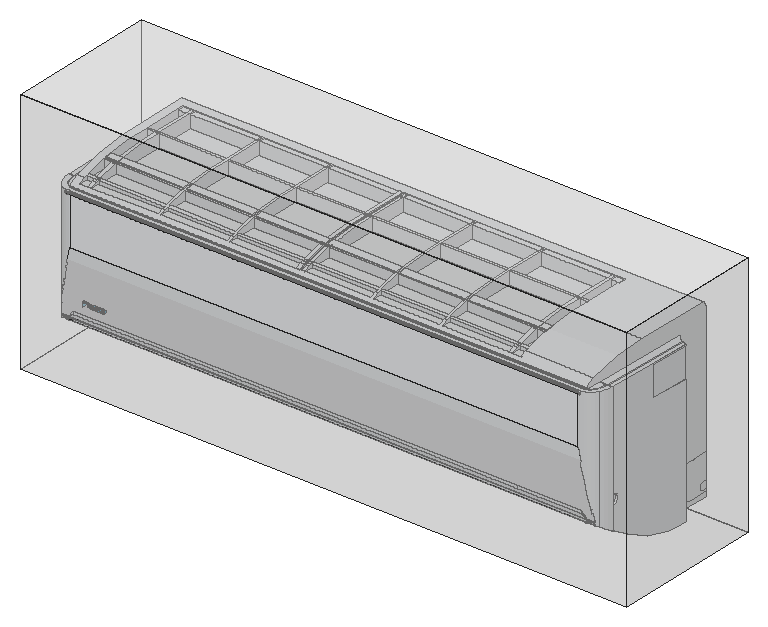
Revit family "outputfile", category 機械設備, Revit 2024
Family settings
  丸型コネクタ寸法 = 半径を使用
  パーツ タイプ = 標準
  OmniClass 番号 = 23.75.10.24.21.27.27
  OmniClass タイトル = Split System Air Conditioning Units
  作業面ベース = いいえ
  常に垂直 = はい
  ロード時にボイドで切り取り = いいえ
  注釈の向きを維持 = いいえ
  共有 = いいえ
  部屋計算ポイント = いいえ
Parameters (values of type "FXAQ40ARVM")
  書き出し IFC クラス(タイプ) = "IfcUnitaryEquipmentType"
  定義済み IFC タイプ(タイプ) = "AIRCONDITIONINGUNIT"
  switch_frequency = yes
  lh_powersupply = 55.0 mm  # constant formula
  製造元 = "Daikin"
  モデル = "FXAQ40ARVM"
  lh_drainpipe = 35.0 mm  # constant formula
  lh_liquidpipe = 40.0 mm  # constant formula
  lh_gaspipe = 20.0 mm  # constant formula
  r_Liquid Pipe Size = Liquid Pipe Size / 2  # 3.2 mm
  r_Gas Pipe Size = Gas Pipe Size / 2  # 6.35 mm
  r_Drain Pipe Size = Drain Pipe Size / 2  # 9.0 mm
  lw_powersupply [instance] = if(or(Left Connection_refrigerant, Right Connection_refrigerant), 464.5 mm, if(or(Bottom Left Connection_refrigerant, Rear Left Connection_refrigerant), 843.0 mm, 58.0 mm))  # 464.5 mm
  lw_liquidpipe [instance] = if(or(Left Connection_refrigerant, Right Connection_refrigerant), 490.0 mm, if(or(Bottom Left Connection_refrigerant, Rear Left Connection_refrigerant), 843.0 mm, 58.0 mm))  # 490.0 mm
  lw_gaspipe [instance] = if(or(Left Connection_refrigerant, Right Connection_refrigerant), 440.0 mm, if(or(Bottom Left Connection_refrigerant, Rear Left Connection_refrigerant), 858.0 mm, 73.0 mm))  # 440.0 mm
  lw_drainpipe [instance] = if(or(Left Connection_refrigerant, Right Connection_refrigerant), 570.0 mm, if(or(Bottom Left Connection_refrigerant, Rear Left Connection_refrigerant), 873.0 mm, 88.0 mm))  # 570.0 mm
  l_powersupply_length [instance] = if(Right Connection_refrigerant, 442.2 mm, if(Left Connection_refrigerant, 442.2 mm, if(or(Rear Left Connection_refrigerant, Rear Right Connection_refrigerant), 15.0 mm, 55.0 mm)))  # 442.2 mm
  l_liquidpipe_length [instance] = if(Left Connection_refrigerant, 416.4 mm, if(Right Connection_refrigerant, 467.4 mm, if(or(Bottom Left Connection_refrigerant, Bottom Right Connection_refrigerant), 40.0 mm, 35.0 mm)))  # 467.4 mm
  l_gaspipe_length [instance] = if(Left Connection_refrigerant, 466.4 mm, if(Right Connection_refrigerant, 417.4 mm, if(or(Bottom Left Connection_refrigerant, Bottom Right Connection_refrigerant), 20.0 mm, 35.0 mm)))  # 417.4 mm
  l_drainpipe_length [instance] = if(Left Connection_refrigerant, 336.7 mm, if(Right Connection_refrigerant, 547.7 mm, if(or(Bottom Left Connection_refrigerant, Bottom Right Connection_refrigerant), 30.0 mm, 15.0 mm)))  # 547.7 mm
  h*** = 0.0 mm  # constant formula
  connector_voltage = Voltage_50Hz  # 220 V
  connector_powerinput = if([Power Input (Cooling)] > [Power Input (Heating)], [Power Input (Cooling)], [Power Input (Heating)])  # 0.029 kW
  connector_phase = Phase_50Hz  # 1
  angle_vertical [instance] = if(or(Bottom Left Connection_refrigerant, Bottom Right Connection_refrigerant), 0.00°, 90.00°)  # 90.00°
  angle_horizontal [instance] = if(Right Connection_refrigerant, 90.00°, if(Left Connection_refrigerant, -90.00°, if(or(Rear Left Connection_refrigerant, Rear Right Connection_refrigerant), 180.00°, 0.00°)))  # 90.00°
  Width = 929.0 mm
  Voltage_comment_60Hz = "220-240"
  Voltage_comment_50Hz = "220-240"
  Voltage_60Hz = 220 V
  Voltage_50Hz = 220 V
  Version = "ver.1.0"
  Unit Type = "Wall Mounted"
  Unit Mass Weight = 13.00 kg
  Unit Designation [instance] = ""
  Uniclass2015Version = "Products v1.30"
  Uniclass2015Title = "Variable refrigerant flow units"
  Uniclass2015Code = "Pr_70_65_03_94"
  Total Heating Capacity [instance] = 0.000 kW
  Total Cooling Capacity [instance] = 0.000 kW
  Sound Pressure Level_L speed (dBA) = 34
  Sound Pressure Level_H speed (dBA) = 39
  Sound Power Level_H speed (dB) = 0
  Series = "VRV Fan Coil Unit"
  Sensible Cooling Capacity [instance] = 0.000 kW
  Refrigerant Type = "R410A"
  Power Input (Heating) = 0.029 kW
  Power Input (Cooling) = 0.022 kW
  Phase_60Hz = 1
  Phase_50Hz = 1
  Option Accessory 3 [instance] = ""
  Option Accessory 2 [instance] = ""
  Option Accessory 1 [instance] = ""
  Nominal Heating Capacity = 5.000 kW
  Nominal Cooling Capacity = 4.500 kW
  Minimum Circuit Amps_60Hz = 0.4 A
  Minimum Circuit Amps_50Hz = 0.4 A
  Minimum Airflow = 540.00 m³/h
  Maximum Fuse Amps_60Hz = 15.0 A
  Maximum Fuse Amps_50Hz = 15.0 A
  Maximum Airflow = 780.00 m³/h
  Material_Casing = DAIKIN_FreshWhite_Casing_indoorunit
  Load Classification = HVAC
  Liquid Pipe Size = 6.4 mm
  Link_Nested Family [instance] = ""
  IfcVersion = ""
  IfcExportType = "AIRCONDITIONINGUNIT"
  IfcExportAs = "IfcUnitaryEquipmentType"
  Height = 298.0 mm
  Heating Entering Wet Bulb Temperature [instance] = 0.00 °C
  Heating Entering Dry Bulb Temperature [instance] = 0.00 °C
  Heating Ambient Wet Bulb Temperature [instance] = 0.00 °C
  Heating Ambient Dry Bulb Temperature [instance] = 0.00 °C
  Heat Exchanger Type = "Cross Fin Coil"
  Gas Pipe Size = 12.7 mm
  Frequency_60Hz = 60 Hz
  Frequency_50Hz = 50 Hz
  Fan Type = "Cross Flow Fan"
  Fan Drive = "Direct Drive"
  FCU Tag No. [instance] = ""
  Drain Pipe Size = 18.0 mm
  Design Supply Airflow [instance] = 0.00 m³/h
  Depth = 258.0 mm
  既定の高さ = 0.0 mm
  Cooling Entering Wet Bulb Temperature [instance] = 0.00 °C
  Cooling Entering Dry Bulb Temperature [instance] = 0.00 °C
  Cooling Ambient Wet Bulb Temperature [instance] = 0.00 °C
  Cooling Ambient Dry Bulb Temperature [instance] = 0.00 °C
  Clearance visibility [instance] = yes
  Clearance Top = 90.0 mm
  Clearance Right = 50.0 mm
  Clearance Rear = 0.0 mm
  Clearance Left = 50.0 mm
  Clearance Front = 0.0 mm
  Clearance Bottom = 30.0 mm
  Bottom Right Connection_refrigerant [instance] = no
  Bottom Left Connection_refrigerant [instance] = no
  Rear Right Connection_refrigerant [instance] = no
  Rear Left Connection_refrigerant [instance] = no
  Right Connection_refrigerant [instance] = yes
  Left Connection_refrigerant [instance] = no
Reference planes
  plane 1 "Back": y = 0
  plane 2: z = 0
  plane 3 "Center (Left/Right)": x = 0
  plane 4 "Center (Front/Back)": y = -119
  plane 5: y = -238
  plane 6 "Left": x = -464.5
  plane 7 "Right": x = 464.5
  plane 8 "Top": z = 0
  plane 9: x = -514.5
  plane 10: x = 514.5
  plane 11: z = 90
  plane 12 "ld_drainpipe": y = -15
  plane 13: z = -284.5
  plane 14: z = -269.5
  plane 15: z = -251
  plane 16 "Clearance Bottom": z = -328
  plane 17: x = -105.5
  plane 18: x = -25.5
  plane 19: x = 24.5
  plane 20: x = 0
  plane 21 "Height": z = -298
  plane 22 "Front": y = -258
  plane 23: y = -35
  plane 24: y = -258
  plane 25: y = 0
Dimensions and locks
  equal spacing: plane 6 "Left", plane 3 "Center (Left/Right)", plane 7 "Right"
  "Width": plane 6 "Left" to plane 7 "Right"
  locked: plane 12 "ld_drainpipe" to plane 1 "Back" at 15
  "Clearance Left": plane 9 to plane 6 "Left"
  "Clearance Right": plane 7 "Right" to plane 10
  "Height": plane 8 "Top" to plane 21 "Height"
  "Depth": plane 22 "Front" to plane 1 "Back"
  locked: plane 23 to plane 1 "Back" at 35
  "lw_powersupply": plane 20 to plane 7 "Right"
  "lw_liquidpipe": plane 18 to plane 7 "Right"
  "lw_drainpipe": plane 17 to plane 7 "Right"
  "lw_gaspipe": plane 19 to plane 7 "Right"
  "Clearance Front": plane 22 "Front" to plane 24
  "Clearance Rear": plane 25 to plane 1 "Back"
  "Clearance Bottom": plane 21 "Height" to plane 16 "Clearance Bottom"
  "Clearance Top": plane 11 to plane 8 "Top"
  aligned and locked: level to plane 2
  aligned and locked: plane 9 to nested 1
  aligned and locked: plane 10 to nested 1
  aligned and locked: plane 11 to nested 1
  aligned and locked: nested 5 to plane 12 "ld_drainpipe"
  aligned and locked: level to plane 8 "Top"
  aligned and locked: plane 16 "Clearance Bottom" to nested 1
  aligned and locked: plane 17 to nested 4
  aligned and locked: plane 18 to nested 3
  aligned and locked: plane 19 to nested 2
  aligned and locked: plane 20 to nested 5
  aligned and locked: nested 2 to plane 23
  aligned and locked: nested 4 to plane 12 "ld_drainpipe"
  aligned and locked: nested 3 to plane 23
  aligned and locked: plane 24 to nested 1
  aligned and locked: nested 1 to plane 25
  aligned and locked: plane 1 "Back" to nested 6
  aligned and locked: plane 3 "Center (Left/Right)" to nested 6
Nested families
  nested 1: "daikin_clearancespace" at (0, -129, -118.881), show <- "Clearance visibility", visible <- "Clearance visibility", Link_Nested Family <- "Link_Nested Family", type "daikin_clearancespace"
    with width 1029.0 mm, show yes, height 418.0 mm, depth 258.0 mm, Link_Nested Family ""
  nested 2: "daikin_connector_rotate3" at (24.5, -35, -278), angle_vertical <- "angle_vertical", angle_horizontal <- "angle_horizontal", length <- "l_gaspipe_length", radius <- "r_Gas Pipe Size", built-in parameter 1001364 <- "lh_gaspipe", type "daikin_connector_rotate3"
    with show no, radius 6.35 mm, length 417.4 mm, angle_vertical 90.00°, angle_horizontal 90.00°
  nested 3: "daikin_connector_rotate3" at (-25.5, -35, -258), angle_vertical <- "angle_vertical", angle_horizontal <- "angle_horizontal", radius <- "r_Liquid Pipe Size", length <- "l_liquidpipe_length", built-in parameter 1001364 <- "lh_liquidpipe", type "daikin_connector_rotate3"
    with show no, radius 3.2 mm, length 467.4 mm, angle_vertical 90.00°, angle_horizontal 90.00°
  nested 4: "daikin_connector_rotate3" at (-105.5, -15, -263), angle_vertical <- "angle_vertical", angle_horizontal <- "angle_horizontal", length <- "l_drainpipe_length", radius <- "r_Drain Pipe Size", built-in parameter 1001364 <- "lh_drainpipe", type "daikin_connector_rotate3"
    with show no, radius 9.0 mm, length 547.7 mm, angle_vertical 90.00°, angle_horizontal 90.00°
  nested 5: "daikin_connector_rotate3" at (0, -15, -243), angle_vertical <- "angle_vertical", angle_horizontal <- "angle_horizontal", length <- "l_powersupply_length", built-in parameter 1001364 <- "lh_powersupply", type "daikin_connector_rotate3"
    with show no, radius 10.0 mm, length 442.2 mm, angle_vertical 90.00°, angle_horizontal 90.00°
  nested 6: "FXAQ-ARVM" at (0, 0, 0), type "FXAQ-ARVM"
Connectors
  electrical at (442.2, -15, -243), driven by "Load Classification", driven by "connector_voltage", driven by "connector_powerinput", driven by "connector_phase"
    settings: on nested 5, index 1, voltage 220 V, apparent load 29 VA, apparent load phase1 0 VA, apparent load phase2 0 VA, apparent load phase3 0 VA, power factor 1, load classification "HVAC", number of poles 1, system type 30, power factor state 1, is connector primary yes, connector utility no, sub classification motor no, connector description "Power Supply"
  piping at (442.2, -15, -263), diameter 18, driven by "r_Drain Pipe Size"
    settings: on nested 4, index 2, connector inside diameter 609.6 mm, connector length 0.0 mm, flow factor 0, pipe flow 0.00 m³/h, pressure drop 0.0 Pa, fitting loss kfactor 0, connector angle 0.00°, fixture units 0, engagement length 0.0 mm, angle of deflection 0.00°, flow configuration 1, flow direction 2, fitting loss method 4, system type 16, joint type 0, gender type 0, connector reference index -1, connector utility 0, adjustable connector no, is connector primary yes, connector description "Condensate Drain Piping"
  piping at (441.9, -35, -278), diameter 12.7, driven by "r_Gas Pipe Size"
    settings: on nested 2, index 3, connector inside diameter 609.6 mm, connector length 0.0 mm, flow factor 0, pipe flow 0.00 m³/h, pressure drop 0.0 Pa, fitting loss kfactor 0, connector angle 0.00°, fixture units 0, engagement length 0.0 mm, angle of deflection 0.00°, flow configuration 1, flow direction 2, fitting loss method 0, system type 29, joint type 0, gender type 0, connector reference index -1, connector utility 0, adjustable connector no, is connector primary no, connector description "Refrigerant Gas Piping"
  piping at (441.9, -35, -258), diameter 6.4, driven by "r_Liquid Pipe Size"
    settings: on nested 3, index 4, connector inside diameter 609.6 mm, connector length 0.0 mm, flow factor 0, pipe flow 0.00 m³/h, pressure drop 0.0 Pa, fitting loss kfactor 0, connector angle 0.00°, fixture units 0, engagement length 0.0 mm, angle of deflection 0.00°, flow configuration 1, flow direction 1, fitting loss method 0, system type 29, joint type 0, gender type 0, connector reference index -1, connector utility 0, adjustable connector no, is connector primary no, connector description "Refrigerant Liquid Piping"
Definition of nested family "daikin_clearancespace"
  Parameters (values of type "daikin_clearancespace")
    Description = "daikin_clearancespace"
    width [instance] = 1823.963 mm
    show [instance] = yes
    material = none
    height [instance] = 1359.762 mm
    depth [instance] = 880.0 mm
    Default Elevation = 0.0 mm
    Link_Nested Family [instance] = ""
  Reference planes
    plane 1 "Center (Front/Back)": y = 0
    plane 2 "Center (Elevation)": z = -0.119
    plane 3 "Center (Left/Right)": x = 0
    plane 4: y = 440
    plane 5: y = -440
    plane 6 "Right": x = 911.982
    plane 7 "Left": x = -911.982
    plane 8 "Top": z = 679.762
    plane 9 "Bottom": z = -680
  Forms (mm)
    Extrusion 1, solid, material <- "material", visible <- "show"
      sketch origin (0, 0, 0) x (1, 0, 0) y (0, 1, 0)
        loop
          line (-911.982, 440) -> (-911.982, -440) -> (911.982, -440) -> (911.982, 440) -> (-911.982, 440)
      from -680 to 679.762
  Lines and regions (mm)
    symbolic lines, visible <- "show"
      curve 1: line (911.982, 440, 0) -> (-911.982, 440, 0)
      curve 2: line (-911.982, 440, 0) -> (-911.982, -440, 0)
      curve 3: line (-911.982, -440, 0) -> (911.982, -440, 0)
      curve 4: line (911.982, -440, 0) -> (911.982, 440, 0)
      curve 5: line (911.982, 0, 679.762) -> (-911.982, 0, 679.762)
      curve 6: line (911.982, 0, -680) -> (911.982, 0, 679.762)
      curve 7: line (-911.982, 0, -680) -> (911.982, 0, -680)
      curve 8: line (-911.982, 0, 679.762) -> (-911.982, 0, -680)
      curve 9: line (0, 440, 679.762) -> (0, -440, 679.762)
      curve 10: line (0, -440, 679.762) -> (0, -440, -680)
      curve 11: line (0, 440, -680) -> (0, 440, 679.762)
      curve 12: line (0, -440, -680) -> (0, 440, -680)
  Dimensions and locks
    "width": plane 7 "Left" to plane 6 "Right"
    "depth": plane 4 to plane 5
    "height": plane 8 "Top" to plane 9 "Bottom"
    equal spacing: plane 7 "Left", plane 3 "Center (Left/Right)", plane 6 "Right"
    equal spacing: plane 4, plane 1 "Center (Front/Back)", plane 5
    equal spacing: plane 8 "Top", plane 2 "Center (Elevation)", plane 9 "Bottom"
    aligned and locked: level to plane 2 "Center (Elevation)"
    aligned and locked: Extrusion 1 sketch curve to plane 4
    aligned and locked: plane 7 "Left" to Extrusion 1 sketch curve
    aligned and locked: Extrusion 1 sketch curve to plane 5
    aligned and locked: Extrusion 1 sketch curve to plane 6 "Right"
    aligned and locked: plane 8 "Top" to Extrusion 1
    aligned and locked: curve 1 to Extrusion 1
    aligned and locked: curve 2 to Extrusion 1
    aligned and locked: curve 3 to Extrusion 1
    aligned and locked: curve 4 to Extrusion 1
    aligned and locked: curve 5 to Extrusion 1
    aligned and locked: curve 6 to Extrusion 1
    aligned and locked: curve 7 to Extrusion 1
    aligned and locked: curve 8 to Extrusion 1
    aligned and locked: curve 9 to Extrusion 1
    aligned and locked: curve 10 to Extrusion 1
    aligned and locked: curve 11 to Extrusion 1
    aligned and locked: curve 12 to Extrusion 1
    aligned and locked: Extrusion 1 to plane 9 "Bottom"
Definition of nested family "FXAQ-ARVM"
  Parameters (values of type "FXAQ-ARVM")
    Width = 929.0 mm
    Material_Casing = none
    Default Elevation = 0.0 mm
  Reference planes
    plane 1 "Center (Front/Back)": y = 0
    plane 2 "reference_level": z = 0
    plane 3 "Center (Left/Right)": x = 0
  Forms (mm)
    Extrusion 1, solid, material <- "Material_Casing"
      sketch origin (37.5, 0, 0) x (1, 0, 0) y (0, 0, 1)
        loop
          circle (357, -249) r 40
        loop
          circle (-428, -250) r 40
      from 0 to 5
    Extrusion 2, solid, material <- "Material_Casing"
      sketch origin (-525, 1296.25, 1200) x (0, 1, 0) y (0, 0, 1)
        loop
          line (-1542.822, -1430.612) -> (-1517.25, -1446.105) -> (-1517.25, -1228.309)
          arc (-1517.25, -1228.309) -> (-1517.546, -1227.599) -> (-1518.259, -1227.309) r 1
          line (-1518.259, -1227.309) -> (-1553.177, -1227.614)
          arc (-1553.177, -1227.614) -> (-1553.593, -1227.787) -> (-1553.771, -1228.201) r 0.6
          line (-1553.771, -1228.201) -> (-1553.814, -1230.3) -> (-1552.816, -1230.309) -> (-1552.852, -1232.291) -> (-1554.25, -1232.303) -> (-1554.25, -1313.777)
          arc (-1554.25, -1313.777) -> (-1551.733, -1369.498) -> (-1544.203, -1424.766) r 618.013
          line (-1544.203, -1424.766) -> (-1543.119, -1425.138) -> (-1542.798, -1426.992) -> (-1543.814, -1426.992) -> (-1543.288, -1429.932)
          arc (-1543.288, -1429.932) -> (-1543.128, -1430.322) -> (-1542.822, -1430.612) r 1
      from 60.5 to 989.5
    Extrusion 3, void
      sketch origin (-525, 1296.25, 1200) x (0, 1, 0) y (0, 0, 1)
        loop
          arc (-1489.957, -1468.485) -> (-1468.343, -1480.342) -> (-1445.644, -1489.96) r 244.307
          arc (-1445.644, -1489.96) -> (-1423.667, -1496.837) -> (-1401.141, -1501.621) r 244.995
          arc (-1401.141, -1501.621) -> (-1397.468, -1502.156) -> (-1393.777, -1502.56) r 104.996
          line (-1393.777, -1502.56) -> (-1391.536, -1481.238)
          arc (-1391.536, -1481.238) -> (-1392.885, -1481.047) -> (-1394.231, -1480.837) r 94.996
          arc (-1394.231, -1480.837) -> (-1415.837, -1476.248) -> (-1436.917, -1469.651) r 234.995
          arc (-1436.917, -1469.651) -> (-1458.423, -1460.555) -> (-1478.917, -1449.363) r 234.307
          line (-1478.917, -1449.363) -> (-1489.957, -1468.485)
      from 129 to 821
    Extrusion 4, void
      sketch origin (-610.615, -1524, -240) x (-1, 0, 0) y (0, -1, 0)
        loop
          line (-317.415, -1501.5) -> (-184.115, -1501.5) -> (-184.115, -1427.5) -> (-317.415, -1427.5) -> (-317.415, -1501.5)
        loop
          line (-434.415, -1501.5) -> (-321.415, -1501.5) -> (-321.415, -1427.5) -> (-434.415, -1427.5) -> (-434.415, -1501.5)
        loop
          line (-557.415, -1501.5) -> (-438.415, -1501.5) -> (-438.415, -1427.5) -> (-557.415, -1427.5) -> (-557.415, -1501.5)
        loop
          line (-678.815, -1501.5) -> (-559.815, -1501.5) -> (-559.815, -1427.5) -> (-678.815, -1427.5) -> (-678.815, -1501.5)
        loop
          line (-795.815, -1501.5) -> (-682.815, -1501.5) -> (-682.815, -1427.5) -> (-795.815, -1427.5) -> (-795.815, -1501.5)
        loop
          line (-933.115, -1501.5) -> (-799.815, -1501.5) -> (-799.815, -1427.5) -> (-933.115, -1427.5) -> (-933.115, -1501.5)
        loop
          line (-317.415, -1423.5) -> (-184.115, -1423.5) -> (-184.115, -1336.5) -> (-317.415, -1336.5) -> (-317.415, -1423.5)
        loop
          line (-434.415, -1423.5) -> (-321.415, -1423.5) -> (-321.415, -1336.5) -> (-434.415, -1336.5) -> (-434.415, -1423.5)
        loop
          line (-557.415, -1423.5) -> (-438.415, -1423.5) -> (-438.415, -1336.5) -> (-557.415, -1336.5) -> (-557.415, -1423.5)
        loop
          line (-678.815, -1423.5) -> (-559.815, -1423.5) -> (-559.815, -1336.5) -> (-678.815, -1336.5) -> (-678.815, -1423.5)
        loop
          line (-795.815, -1423.5) -> (-682.815, -1423.5) -> (-682.815, -1336.5) -> (-795.815, -1336.5) -> (-795.815, -1423.5)
        loop
          line (-933.115, -1423.5) -> (-799.815, -1423.5) -> (-799.815, -1336.5) -> (-933.115, -1336.5) -> (-933.115, -1423.5)
        loop
          line (-317.415, -1332.5) -> (-184.115, -1332.5) -> (-184.115, -1300.5) -> (-317.415, -1300.5) -> (-317.415, -1332.5)
        loop
          line (-434.415, -1332.5) -> (-321.415, -1332.5) -> (-321.415, -1300.5) -> (-434.415, -1300.5) -> (-434.415, -1332.5)
        loop
          line (-557.415, -1332.5) -> (-438.415, -1332.5) -> (-438.415, -1300.5) -> (-557.415, -1300.5) -> (-557.415, -1332.5)
        loop
          line (-678.815, -1332.5) -> (-559.815, -1332.5) -> (-559.815, -1300.5) -> (-678.815, -1300.5) -> (-678.815, -1332.5)
        loop
          line (-795.815, -1332.5) -> (-682.815, -1332.5) -> (-682.815, -1300.5) -> (-795.815, -1300.5) -> (-795.815, -1332.5)
        loop
          line (-933.115, -1332.5) -> (-799.815, -1332.5) -> (-799.815, -1300.5) -> (-933.115, -1300.5) -> (-933.115, -1332.5)
        loop
          line (-317.415, -1296.5) -> (-184.115, -1296.5) -> (-184.115, -1273.985) -> (-317.415, -1273.985) -> (-317.415, -1296.5)
        loop
          line (-434.415, -1296.5) -> (-321.415, -1296.5) -> (-321.415, -1273.985) -> (-434.415, -1273.985) -> (-434.415, -1296.5)
        loop
          line (-557.415, -1296.5) -> (-438.415, -1296.5) -> (-438.415, -1273.985) -> (-557.415, -1273.985) -> (-557.415, -1296.5)
        loop
          line (-678.815, -1296.5) -> (-559.815, -1296.5) -> (-559.815, -1273.985) -> (-678.815, -1273.985) -> (-678.815, -1296.5)
        loop
          line (-795.815, -1296.5) -> (-682.815, -1296.5) -> (-682.815, -1273.985) -> (-795.815, -1273.985) -> (-795.815, -1296.5)
        loop
          line (-933.115, -1296.5) -> (-799.815, -1296.5) -> (-799.815, -1273.985) -> (-933.115, -1273.985) -> (-933.115, -1296.5)
      from 218.718 to 250
    Extrusion 5, solid, material <- "Material_Casing"
      sketch origin (31, 0, 0) x (0, 1, 0) y (0, 0, 1)
        loop
          arc (-133, 0) -> (-183.089, -4.257) -> (-231.74, -16.907) r 296.792
          arc (-231.74, -16.907) -> (-240.035, -20.716) -> (-247.498, -25.97) r 50
          line (-247.498, -25.97) -> (-247.498, -27.531) -> (-221, -27.3) -> (-221, -28.237) -> (-220, -28.237) -> (-220, -245.585)
          arc (-220, -245.585) -> (-219.743, -246.566) -> (-219.036, -247.295) r 2
          line (-219.036, -247.295) -> (-215.453, -249.466) -> (-189.599, -265.136)
          arc (-189.599, -265.136) -> (-169.128, -276.22) -> (-147.677, -285.263) r 239.307
          arc (-147.677, -285.263) -> (-126.149, -292) -> (-104.083, -296.687) r 239.995
          arc (-104.083, -296.687) -> (-96.033, -297.671) -> (-87.93, -298) r 99.996
          line (-87.93, -298) -> (0, -298) -> (0, -8.5) -> (-5, 0) -> (-133, 0)
      from -495.5 to 433.5
    Extrusion 6, void
      sketch origin (0, 0, 0) x (1, 0, 0) y (0, 1, 0)
        loop
          arc (-464.5, -69.996) -> (-451.865, -64.288) -> (-441.567, -55.003) r 45.003
          line (-441.567, -55.003) -> (-442.5, 0) -> (-464.5, 0) -> (-464.5, -69.996)
        loop
          line (464.5, -69.996) -> (464.5, 0) -> (442.5, 0) -> (441.567, -55.003)
          arc (441.567, -55.003) -> (451.865, -64.288) -> (464.5, -69.996) r 45.003
      from -350.147 to 42.558
    Extrusion 7, solid, material <- "Material_Casing"
      sketch origin (464.482, 1296.064, 1192) x (-0.016958, -0.999856, 0) y (0, 0, 1)
        loop
          line (1326.25, -1422) -> (1296.25, -1422) -> (1296.25, -1465) -> (1302.753, -1465)
          spline (1302.753, -1465) -> (1304.435, -1465.221) -> (1306.003, -1465.871) -> (1307.349, -1466.904) -> (1308.382, -1468.25) -> (1309.031, -1469.818) -> (1309.252, -1471.5) -> (1309.031, -1473.182) -> (1308.382, -1474.75) -> (1307.349, -1476.096) -> (1306.003, -1477.129) -> (1304.435, -1477.779) -> (1302.753, -1478)
          line (1302.753, -1478) -> (1296.25, -1478) -> (1296.25, -1482) -> (1326.25, -1482)
          arc (1326.25, -1482) -> (1340.393, -1476.142) -> (1346.25, -1462) r 20
          line (1346.25, -1462) -> (1346.25, -1442)
          arc (1346.25, -1442) -> (1340.393, -1427.858) -> (1326.25, -1422) r 20
      from 0 to 5
    Extrusion 8, solid, material <- "Material_Casing"
      sketch origin (-464.482, 1296.064, 1192) x (-0.016958, 0.999856, 0) y (0, 0, 1)
        loop
          line (-1296.25, -1422) -> (-1326.25, -1422)
          arc (-1326.25, -1422) -> (-1340.393, -1427.858) -> (-1346.25, -1442) r 20
          line (-1346.25, -1442) -> (-1346.25, -1462)
          arc (-1346.25, -1462) -> (-1340.393, -1476.142) -> (-1326.25, -1482) r 20
          line (-1326.25, -1482) -> (-1296.25, -1482) -> (-1296.25, -1478) -> (-1302.753, -1478)
          spline (-1302.753, -1478) -> (-1304.435, -1477.779) -> (-1306.003, -1477.129) -> (-1307.349, -1476.096) -> (-1308.382, -1474.75) -> (-1309.031, -1473.182) -> (-1309.252, -1471.5) -> (-1309.031, -1469.818) -> (-1308.382, -1468.25) -> (-1307.349, -1466.904) -> (-1306.003, -1465.871) -> (-1304.435, -1465.221) -> (-1302.753, -1465)
          line (-1302.753, -1465) -> (-1296.25, -1465) -> (-1296.25, -1422)
      from 0 to 5
    Extrusion 9, void
      sketch origin (0, 0, 0) x (1, 0, 0) y (0, 1, 0)
        loop
          arc (451.583, -220.532) -> (450.652, -229.688) -> (447.774, -238.43) r 42.574
          arc (447.774, -238.43) -> (440.881, -246.096) -> (430.995, -249.015) r 18.939
          line (430.995, -249.015) -> (322.5, -249.015) -> (-430.995, -249.015)
          arc (-430.995, -249.015) -> (-440.881, -246.096) -> (-447.774, -238.43) r 18.939
          arc (-447.774, -238.43) -> (-450.652, -229.688) -> (-451.583, -220.532) r 42.574
          line (-451.583, -220.532) -> (-455.638, -65.672)
          arc (-455.638, -65.672) -> (-456.13, -65.926) -> (-456.626, -66.174) r 45.003
          line (-456.626, -66.174) -> (-452.526, -222.254)
          arc (-452.526, -222.254) -> (-451.441, -230.753) -> (-448.676, -238.863) r 42.58
          arc (-448.676, -238.863) -> (-441.392, -246.902) -> (-431, -250.015) r 20.209
          line (-431, -250.015) -> (431, -250.015)
          arc (431, -250.015) -> (441.392, -246.902) -> (448.676, -238.863) r 20.209
          arc (448.676, -238.863) -> (451.441, -230.753) -> (452.539, -222.254) r 42.58
          line (452.539, -222.254) -> (456.626, -66.151)
          arc (456.626, -66.151) -> (456.131, -65.903) -> (455.639, -65.649) r 45.003
          line (455.639, -65.649) -> (451.583, -220.532)
      from -514.227 to 32.749
    Extrusion 10, void
      sketch origin (0, 0, 0) x (1, 0, 0) y (0, 1, 0)
        loop
          arc (-430.764, -258.014) -> (-445.174, -254.026) -> (-455.485, -243.197) r 28.031
          arc (-455.485, -243.197) -> (-459.127, -232.113) -> (-460.561, -220.535) r 60.175
          line (-460.561, -220.535) -> (-464.5, -69.996) -> (-499.5, -69.996) -> (-499.5, -354.996) -> (499.5, -354.996) -> (499.5, -69.996) -> (464.5, -69.996) -> (460.598, -220.541)
          arc (460.598, -220.541) -> (459.601, -231.543) -> (456.08, -242.014) r 47.329
          arc (456.08, -242.014) -> (445.774, -253.677) -> (430.826, -258.014) r 27.93
          line (430.826, -258.014) -> (-430.764, -258.014)
      from -1033.399 to 0
    Extrusion 11, void
      sketch origin (0, 0, 0) x (1, 0, 0) y (0, 1, 0)
        loop
          arc (-455.485, -243.197) -> (-459.291, -232.263) -> (-460.562, -220.754) r 51.556
          line (-460.562, -220.754) -> (-492.49, -141.73) -> (-492.49, -316.73) -> (492.49, -316.73) -> (492.49, -141.73) -> (460.599, -220.663)
          arc (460.599, -220.663) -> (459.482, -231.58) -> (456.08, -242.014) r 51.576
          arc (456.08, -242.014) -> (445.844, -253.621) -> (431, -258) r 27.939
          line (431, -258) -> (-431, -258)
          arc (-431, -258) -> (-445.281, -253.971) -> (-455.485, -243.197) r 27.939
      from -354.312 to 0
    Extrusion 12, void
      sketch origin (0, 0, 0) x (1, 0, 0) y (0, 1, 0)
        loop
          line (435.004, -431) -> (510.5, -431) -> (510.5, 78.522) -> (443.898, 78.522) -> (435.004, -431)
      from -28.941 to 250
    Extrusion 13, void
      sketch origin (0, 0, 0) x (1, 0, 0) y (0, 1, 0)
        loop
          line (-438.024, -258) -> (-442.527, 0) -> (-469.5, 0) -> (-469.5, -258) -> (-438.024, -258)
      from -27.788 to 250
    Extrusion 14, solid, material <- "Material_Casing"
      sketch origin (31, 0, 0) x (0, 1, 0) y (0, 0, 1)
        loop
          arc (-175.5, -3.059) -> (-181.51, -3.991) -> (-187.5, -5.047) r 296.792
          line (-187.5, -5.047) -> (-187.5, -28.237) -> (-175.5, -28.237) -> (-175.5, -3.059)
        loop
          line (-33.5, 0) -> (-33.5, -28.237) -> (-22.5, -28.237) -> (-22.5, 0) -> (-33.5, 0)
      from -457.5 to -324.2
    Extrusion 15, solid, material <- "Material_Casing"
      sketch origin (384, 0, 0) x (0, 1, 0) y (0, 0, 1)
        loop
          arc (-175.5, -3.059) -> (-181.51, -3.991) -> (-187.5, -5.047) r 296.792
          line (-187.5, -5.047) -> (-187.5, -28.237) -> (-175.5, -28.237) -> (-175.5, -3.059)
        loop
          line (-33.5, 0) -> (-33.5, -28.237) -> (-22.5, -28.237) -> (-22.5, 0) -> (-33.5, 0)
      from -556.2 to -437.2
    Extrusion 16, solid, material <- "Material_Casing"
      sketch origin (392.4, 0, 0) x (0, 1, 0) y (0, 0, 1)
        loop
          arc (-175.5, -3.059) -> (-181.51, -3.991) -> (-187.5, -5.047) r 296.792
          line (-187.5, -5.047) -> (-187.5, -28.237) -> (-175.5, -28.237) -> (-175.5, -3.059)
        loop
          line (-33.5, 0) -> (-33.5, -28.237) -> (-22.5, -28.237) -> (-22.5, 0) -> (-33.5, 0)
      from -443.2 to -324.2
    Extrusion 17, solid, material <- "Material_Casing"
      sketch origin (745.4, 0, 0) x (0, 1, 0) y (0, 0, 1)
        loop
          arc (-175.5, -3.059) -> (-181.51, -3.991) -> (-187.5, -5.047) r 296.792
          line (-187.5, -5.047) -> (-187.5, -28.237) -> (-175.5, -28.237) -> (-175.5, -3.059)
        loop
          line (-33.5, 0) -> (-33.5, -28.237) -> (-22.5, -28.237) -> (-22.5, 0) -> (-33.5, 0)
      from -556.2 to -422.9
    Extrusion 18, solid, material <- "Material_Casing"
      sketch origin (628.4, 0, 0) x (0, 1, 0) y (0, 0, 1)
        loop
          arc (-175.5, -3.059) -> (-181.51, -3.991) -> (-187.5, -5.047) r 296.792
          line (-187.5, -5.047) -> (-187.5, -28.237) -> (-175.5, -28.237) -> (-175.5, -3.059)
        loop
          line (-33.5, 0) -> (-33.5, -28.237) -> (-22.5, -28.237) -> (-22.5, 0) -> (-33.5, 0)
      from -556.2 to -443.2
    Extrusion 19, solid, material <- "Material_Casing"
      sketch origin (267, 0, 0) x (0, 1, 0) y (0, 0, 1)
        loop
          arc (-175.5, -3.059) -> (-181.51, -3.991) -> (-187.5, -5.047) r 296.792
          line (-187.5, -5.047) -> (-187.5, -28.237) -> (-175.5, -28.237) -> (-175.5, -3.059)
        loop
          line (-33.5, 0) -> (-33.5, -28.237) -> (-22.5, -28.237) -> (-22.5, 0) -> (-33.5, 0)
      from -556.2 to -443.2
    Extrusion 20, solid, material <- "Material_Casing"
      sketch origin (31, 0, 0) x (0, 1, 0) y (0, 0, 1)
        loop
          line (-22.5, 0) -> (-96.5, 0) -> (-96.5, -27.3) -> (-22.5, -27.3) -> (-22.5, 0)
        loop
          spline (-133.001, 0) -> (-137.568, -0.035) -> (-142.135, -0.141) -> (-146.699, -0.316) -> (-151.259, -0.562) -> (-155.816, -0.878) -> (-160.367, -1.264) -> (-164.912, -1.721) -> (-169.449, -2.247) -> (-173.977, -2.842) -> (-178.496, -3.508) -> (-183.004, -4.243) -> (-187.5, -5.047)
          line (-187.5, -5.047) -> (-187.5, -27.3) -> (-100.5, -27.3) -> (-100.5, 0) -> (-133.001, 0)
        loop
          line (-223.5, -14.134) -> (-223.5, -27.3) -> (-191.5, -27.3) -> (-191.5, -5.822)
          spline (-191.5, -5.822) -> (-194.2, -6.378) -> (-196.895, -6.959) -> (-199.584, -7.565) -> (-202.267, -8.196) -> (-204.945, -8.852) -> (-207.616, -9.532) -> (-210.281, -10.238) -> (-212.939, -10.968) -> (-215.59, -11.723) -> (-218.234, -12.502) -> (-220.871, -13.306) -> (-223.5, -14.134)
        loop
          spline (-227.5, -15.446) -> (-227.854, -15.565) -> (-228.208, -15.685) -> (-228.562, -15.805) -> (-228.916, -15.926) -> (-229.269, -16.047) -> (-229.623, -16.168) -> (-229.976, -16.29) -> (-230.329, -16.412) -> (-230.682, -16.535) -> (-231.035, -16.658) -> (-231.387, -16.782) -> (-231.74, -16.906)
          arc (-231.74, -16.906) -> (-236.479, -18.856) -> (-240.994, -21.282) r 50
          line (-240.994, -21.282) -> (-227.5, -21.282) -> (-227.5, -15.446)
      from -443.2 to -437.2
    Extrusion 21, solid, material <- "Material_Casing"
      sketch origin (384, 0, 0) x (0, 1, 0) y (0, 0, 1)
        loop
          line (-22.5, 0) -> (-96.5, 0) -> (-96.5, -27.3) -> (-22.5, -27.3) -> (-22.5, 0)
        loop
          spline (-133.001, 0) -> (-137.568, -0.035) -> (-142.135, -0.141) -> (-146.699, -0.316) -> (-151.259, -0.562) -> (-155.816, -0.878) -> (-160.367, -1.264) -> (-164.912, -1.721) -> (-169.449, -2.247) -> (-173.977, -2.842) -> (-178.496, -3.508) -> (-183.004, -4.243) -> (-187.5, -5.047)
          line (-187.5, -5.047) -> (-187.5, -27.3) -> (-100.5, -27.3) -> (-100.5, 0) -> (-133.001, 0)
        loop
          line (-223.5, -14.134) -> (-223.5, -27.3) -> (-191.5, -27.3) -> (-191.5, -5.822)
          spline (-191.5, -5.822) -> (-194.2, -6.378) -> (-196.895, -6.959) -> (-199.584, -7.565) -> (-202.267, -8.196) -> (-204.945, -8.852) -> (-207.616, -9.532) -> (-210.281, -10.238) -> (-212.939, -10.968) -> (-215.59, -11.723) -> (-218.234, -12.502) -> (-220.871, -13.306) -> (-223.5, -14.134)
        loop
          spline (-227.5, -15.446) -> (-227.854, -15.565) -> (-228.208, -15.685) -> (-228.562, -15.805) -> (-228.916, -15.926) -> (-229.269, -16.047) -> (-229.623, -16.168) -> (-229.976, -16.29) -> (-230.329, -16.412) -> (-230.682, -16.535) -> (-231.035, -16.658) -> (-231.387, -16.782) -> (-231.74, -16.906)
          arc (-231.74, -16.906) -> (-236.479, -18.856) -> (-240.994, -21.282) r 50
          line (-240.994, -21.282) -> (-227.5, -21.282) -> (-227.5, -15.446)
      from -443.2 to -437.2
    Extrusion 22, solid, material <- "Material_Casing"
      sketch origin (392.4, 0, 0) x (0, 1, 0) y (0, 0, 1)
        loop
          line (-22.5, 0) -> (-96.5, 0) -> (-96.5, -27.3) -> (-22.5, -27.3) -> (-22.5, 0)
        loop
          spline (-133.001, 0) -> (-137.568, -0.035) -> (-142.135, -0.141) -> (-146.699, -0.316) -> (-151.259, -0.562) -> (-155.816, -0.878) -> (-160.367, -1.264) -> (-164.912, -1.721) -> (-169.449, -2.247) -> (-173.977, -2.842) -> (-178.496, -3.508) -> (-183.004, -4.243) -> (-187.5, -5.047)
          line (-187.5, -5.047) -> (-187.5, -27.3) -> (-100.5, -27.3) -> (-100.5, 0) -> (-133.001, 0)
        loop
          line (-223.5, -14.134) -> (-223.5, -27.3) -> (-191.5, -27.3) -> (-191.5, -5.822)
          spline (-191.5, -5.822) -> (-194.2, -6.378) -> (-196.895, -6.959) -> (-199.584, -7.565) -> (-202.267, -8.196) -> (-204.945, -8.852) -> (-207.616, -9.532) -> (-210.281, -10.238) -> (-212.939, -10.968) -> (-215.59, -11.723) -> (-218.234, -12.502) -> (-220.871, -13.306) -> (-223.5, -14.134)
        loop
          spline (-227.5, -15.446) -> (-227.854, -15.565) -> (-228.208, -15.685) -> (-228.562, -15.805) -> (-228.916, -15.926) -> (-229.269, -16.047) -> (-229.623, -16.168) -> (-229.976, -16.29) -> (-230.329, -16.412) -> (-230.682, -16.535) -> (-231.035, -16.658) -> (-231.387, -16.782) -> (-231.74, -16.906)
          arc (-231.74, -16.906) -> (-236.479, -18.856) -> (-240.994, -21.282) r 50
          line (-240.994, -21.282) -> (-227.5, -21.282) -> (-227.5, -15.446)
      from -443.2 to -437.2
    Extrusion 23, solid, material <- "Material_Casing"
      sketch origin (745.4, 0, 0) x (0, 1, 0) y (0, 0, 1)
        loop
          line (-22.5, 0) -> (-96.5, 0) -> (-96.5, -27.3) -> (-22.5, -27.3) -> (-22.5, 0)
        loop
          spline (-133.001, 0) -> (-137.568, -0.035) -> (-142.135, -0.141) -> (-146.699, -0.316) -> (-151.259, -0.562) -> (-155.816, -0.878) -> (-160.367, -1.264) -> (-164.912, -1.721) -> (-169.449, -2.247) -> (-173.977, -2.842) -> (-178.496, -3.508) -> (-183.004, -4.243) -> (-187.5, -5.047)
          line (-187.5, -5.047) -> (-187.5, -27.3) -> (-100.5, -27.3) -> (-100.5, 0) -> (-133.001, 0)
        loop
          line (-223.5, -14.134) -> (-223.5, -27.3) -> (-191.5, -27.3) -> (-191.5, -5.822)
          spline (-191.5, -5.822) -> (-194.2, -6.378) -> (-196.895, -6.959) -> (-199.584, -7.565) -> (-202.267, -8.196) -> (-204.945, -8.852) -> (-207.616, -9.532) -> (-210.281, -10.238) -> (-212.939, -10.968) -> (-215.59, -11.723) -> (-218.234, -12.502) -> (-220.871, -13.306) -> (-223.5, -14.134)
        loop
          spline (-227.5, -15.446) -> (-227.854, -15.565) -> (-228.208, -15.685) -> (-228.562, -15.805) -> (-228.916, -15.926) -> (-229.269, -16.047) -> (-229.623, -16.168) -> (-229.976, -16.29) -> (-230.329, -16.412) -> (-230.682, -16.535) -> (-231.035, -16.658) -> (-231.387, -16.782) -> (-231.74, -16.906)
          arc (-231.74, -16.906) -> (-236.479, -18.856) -> (-240.994, -21.282) r 50
          line (-240.994, -21.282) -> (-227.5, -21.282) -> (-227.5, -15.446)
      from -443.2 to -437.2
    Extrusion 24, solid, material <- "Material_Casing"
      sketch origin (-525, 1301.456, 1185.983) x (0, 1, 0) y (0, 0, 1)
        loop
          line (-1490.365, -1448.375) -> (-1491.955, -1450.92)
          arc (-1491.955, -1450.92) -> (-1471.02, -1462.298) -> (-1449.069, -1471.566) r 242.307
          arc (-1449.069, -1471.566) -> (-1427.272, -1478.388) -> (-1404.93, -1483.133) r 242.995
          arc (-1404.93, -1483.133) -> (-1402.218, -1483.539) -> (-1399.497, -1483.874) r 102.996
          line (-1399.497, -1483.874) -> (-1399.183, -1480.89)
          arc (-1399.183, -1480.89) -> (-1401.819, -1480.566) -> (-1404.446, -1480.172) r 99.996
          arc (-1404.446, -1480.172) -> (-1426.511, -1475.486) -> (-1448.04, -1468.748) r 239.995
          arc (-1448.04, -1468.748) -> (-1469.704, -1459.603) -> (-1490.365, -1448.375) r 239.307
      from 135 to 817
    Extrusion 25, solid, material <- "Material_Casing"
      sketch origin (-525, 1301.456, 1185.983) x (0, 1, 0) y (0, 0, 1)
        loop
          line (-1490.365, -1448.375) -> (-1491.955, -1450.92)
          arc (-1491.955, -1450.92) -> (-1471.02, -1462.298) -> (-1449.069, -1471.566) r 242.307
          arc (-1449.069, -1471.566) -> (-1427.272, -1478.388) -> (-1404.93, -1483.133) r 242.995
          arc (-1404.93, -1483.133) -> (-1402.218, -1483.539) -> (-1399.497, -1483.874) r 102.996
          line (-1399.497, -1483.874) -> (-1399.183, -1480.89)
          arc (-1399.183, -1480.89) -> (-1401.819, -1480.566) -> (-1404.446, -1480.172) r 99.996
          arc (-1404.446, -1480.172) -> (-1426.511, -1475.486) -> (-1448.04, -1468.748) r 239.995
          arc (-1448.04, -1468.748) -> (-1469.704, -1459.603) -> (-1490.365, -1448.375) r 239.307
      from 129 to 133
    Extrusion 26, solid, material <- "Material_Casing"
      sketch origin (163, 1301.456, 1185.983) x (0, 1, 0) y (0, 0, 1)
        loop
          line (-1490.365, -1448.375) -> (-1491.955, -1450.92)
          arc (-1491.955, -1450.92) -> (-1471.02, -1462.298) -> (-1449.069, -1471.566) r 242.307
          arc (-1449.069, -1471.566) -> (-1427.272, -1478.388) -> (-1404.93, -1483.133) r 242.995
          arc (-1404.93, -1483.133) -> (-1402.218, -1483.539) -> (-1399.497, -1483.874) r 102.996
          line (-1399.497, -1483.874) -> (-1399.183, -1480.89)
          arc (-1399.183, -1480.89) -> (-1401.819, -1480.566) -> (-1404.446, -1480.172) r 99.996
          arc (-1404.446, -1480.172) -> (-1426.511, -1475.486) -> (-1448.04, -1468.748) r 239.995
          arc (-1448.04, -1468.748) -> (-1469.704, -1459.603) -> (-1490.365, -1448.375) r 239.307
      from 129 to 133
    Extrusion 27, void
      sketch origin (0, 0, 0) x (1, 0, 0) y (0, 1, 0)
        loop
          line (-442.5, 0) -> (442.5, 0) -> (442.5, 1.095) -> (-442.5, 1.095) -> (-442.5, 0)
      from -298 to 0
    Extrusion 28, void
      sketch origin (31, 0, 0) x (0, 1, 0) y (0, 0, 1)
        loop
          arc (-220, -211.038) -> (-209.824, -200.843) -> (-220, -190.648) r 10.195
          line (-220, -190.648) -> (-220, -211.038)
      from 425 to 433.5
    Extrusion 29, void
      sketch origin (-31, 0, 0) x (0, 1, 0) y (0, 0, -1)
        loop
          line (-220, 211.038) -> (-220, 190.648)
          arc (-220, 190.648) -> (-209.824, 200.843) -> (-220, 211.038) r 10.195
      from 425 to 433.5
    Extrusion 30, void
      sketch origin (31, 0, 0) x (0, 1, 0) y (0, 0, 1)
        loop
          line (-136.859, -29.798) -> (-136.859, -81.374) -> (-67.205, -81.374) -> (-67.205, -29.798) -> (-136.859, -29.798)
      from 431.5 to 433.5
    Extrusion 31, void
      sketch origin (163, 1301.519, 1186.578) x (0, 1, 0) y (0, 0, 1)
        loop
          line (-1399.559, -1484.469) -> (-1399.455, -1483.475)
          arc (-1399.455, -1483.475) -> (-1402.503, -1483.119) -> (-1405.54, -1482.669) r 99.996
          arc (-1405.54, -1482.669) -> (-1427.605, -1477.983) -> (-1449.134, -1471.246) r 239.995
          arc (-1449.134, -1471.246) -> (-1470.858, -1462.071) -> (-1491.573, -1450.803) r 239.307
          line (-1491.573, -1450.803) -> (-1492.103, -1451.651)
          arc (-1492.103, -1451.651) -> (-1471.297, -1462.97) -> (-1449.477, -1472.185) r 240.307
          arc (-1449.477, -1472.185) -> (-1427.859, -1478.95) -> (-1405.701, -1483.656) r 240.995
          arc (-1405.701, -1483.656) -> (-1402.636, -1484.11) -> (-1399.559, -1484.469) r 100.996
      from 134 to 232
    Extrusion 32, solid, material <- "Material_Casing"
      sketch origin (-536.115, -1524, -248) x (-1, 0, 0) y (0, -1, 0)
        loop
          line (-115.615, -1524) -> (-115.615, -1494)
          arc (-115.615, -1494) -> (-121.473, -1479.858) -> (-135.615, -1474) r 20
          line (-135.615, -1474) -> (-155.615, -1474)
          arc (-155.615, -1474) -> (-169.757, -1479.858) -> (-175.615, -1494) r 20
          line (-175.615, -1494) -> (-175.615, -1524) -> (-115.615, -1524)
      from -45 to -50
    Extrusion 33, solid, material <- "Material_Casing"
      sketch origin (-4079.827, 1903.48, -248) x (-1, 0, 0) y (0, -1, 0)
        loop
          line (-4444.327, 1903.48) -> (-4444.327, 1933.48)
          arc (-4444.327, 1933.48) -> (-4450.185, 1947.622) -> (-4464.327, 1953.48) r 20
          line (-4464.327, 1953.48) -> (-4484.327, 1953.48)
          arc (-4484.327, 1953.48) -> (-4498.469, 1947.622) -> (-4504.327, 1933.48) r 20
          line (-4504.327, 1933.48) -> (-4504.327, 1903.48) -> (-4444.327, 1903.48)
      from -50 to -45
  Cuts and joins
    Extrusion 3, Extrusion 4, Extrusion 6, Extrusion 9, Extrusion 10, Extrusion 12, Extrusion 13, Extrusion 28, Extrusion 29, Extrusion 30, Extrusion 31 cuts Extrusion 5
    Extrusion 9, Extrusion 11 cuts Extrusion 2
    Extrusion 27 cuts Extrusion 7
    Extrusion 27 cuts Extrusion 8
  Dimensions and locks
    locked: Extrusion 7 sketch curve to Extrusion 7 sketch curve at 60
    locked: Extrusion 7 sketch curve to Extrusion 7 sketch curve at 50
    locked: Extrusion 1 sketch curve to cut or joined group 1 (Extrusion 3, Extrusion 4, Extrusion 5, Extrusion 6, Extrusion 9, Extrusion 10, Extrusion 12, Extrusion 13, Extrusion 28, Extrusion 29, Extrusion 30, Extrusion 31) at 48
    locked: Extrusion 1 sketch curve to cut or joined group 1 at 74
    locked: Extrusion 1 sketch curve to cut or joined group 1 at 70
    locked: Extrusion 1 sketch curve to cut or joined group 1 at 49
    aligned and locked: level to plane 2 "reference_level"
    aligned and locked: Extrusion 2 to Extrusion 5
    aligned and locked: level to Extrusion 11
    aligned and locked: Extrusion 27 sketch curve to cut or joined group 1
    aligned and locked: level to Extrusion 27
  Automatic sketch dimensions
    Extrusion 2 sketch curve to level = 32.303 mm
    plane 1 "Center (Front/Back)" to Extrusion 2 sketch curve = 258.0 mm
    Extrusion 2 sketch curve to level = 30.3 mm
    Extrusion 2 sketch curve to Extrusion 2 sketch curve = 0.437 mm
    Extrusion 2 sketch curve to level = 28.201 mm
    Extrusion 2 sketch curve to Extrusion 2 sketch curve = 0.042 mm
    Extrusion 2 sketch curve to level = 27.614 mm
    Extrusion 2 sketch curve to Extrusion 2 sketch curve = 0.595 mm
    Extrusion 2 sketch curve to level = 32.291 mm
    Extrusion 2 sketch curve to Extrusion 2 sketch curve = 1.399 mm
    Extrusion 2 sketch curve to level = 30.309 mm
    Extrusion 2 sketch curve to Extrusion 2 sketch curve = 0.997 mm
    Extrusion 2 sketch curve to level = 224.766 mm
    Extrusion 2 sketch curve to Extrusion 2 sketch curve = 10.048 mm
    Extrusion 2 sketch curve to Extrusion 2 sketch curve = 0.389 mm
    Extrusion 2 sketch curve to Extrusion 2 sketch curve = 0.526 mm
    Extrusion 2 sketch curve to Extrusion 2 sketch curve = 1.083 mm
    Extrusion 2 sketch curve to level = 230.612 mm
    Extrusion 2 sketch curve to Extrusion 2 sketch curve = 0.466 mm
    Extrusion 2 sketch curve to Extrusion 2 sketch curve = 1.016 mm
    Extrusion 2 sketch curve to Extrusion 2 sketch curve = 0.984 mm
    Extrusion 2 sketch curve to level = 27.309 mm
    Extrusion 2 sketch curve to Extrusion 2 sketch curve = 0.009 mm
    Extrusion 2 sketch curve to Extrusion 2 sketch curve = 25.571 mm
    Extrusion 2 sketch curve to level = 113.777 mm
    Extrusion 2 sketch curve to Extrusion 2 sketch curve = 15.494 mm
    Extrusion 2 sketch curve to Extrusion 2 sketch curve = 0.373 mm
    plane 1 "Center (Front/Back)" to Extrusion 3 sketch curve = 193.706 mm
    Extrusion 3 sketch curve to Extrusion 3 sketch curve = 11.04 mm
    plane 1 "Center (Front/Back)" to Extrusion 3 sketch curve = 97.527 mm
    Extrusion 3 sketch curve to Extrusion 3 sketch curve = 2.241 mm
    Extrusion 3 sketch curve to Extrusion 3 sketch curve = 7.356 mm
    Extrusion 3 sketch curve to Extrusion 3 sketch curve = 5.295 mm
    plane 1 "Center (Front/Back)" to Extrusion 3 sketch curve = 65.55 mm
    Extrusion 3 sketch curve to Extrusion 3 sketch curve = 0.236 mm  (x2)
    Extrusion 3 sketch curve to Extrusion 3 sketch curve = 5.059 mm
    Extrusion 3 sketch curve to level = 302.56 mm
    Extrusion 3 sketch curve to Extrusion 3 sketch curve = 21.322 mm
    Extrusion 3 sketch curve to Extrusion 3 sketch curve = 12.753 mm
    Extrusion 3 sketch curve to Extrusion 3 sketch curve = 19.122 mm
    Extrusion 3 sketch curve to Extrusion 3 sketch curve = 83.234 mm
    Extrusion 3 sketch curve to Extrusion 3 sketch curve = 10.916 mm
    Extrusion 3 sketch curve to level = 60.49 mm
    Extrusion 3 sketch curve to Extrusion 3 sketch curve = 0.646 mm  (x2)
    Extrusion 3 sketch curve to Extrusion 3 sketch curve = 10.269 mm
    Extrusion 3 sketch curve to Extrusion 3 sketch curve = 0.0 mm  (x2)
    plane 3 "Center (Left/Right)" to Extrusion 4 sketch curve = 322.5 mm
    plane 1 "Center (Front/Back)" to Extrusion 4 sketch curve = 22.5 mm  (x4)
    Extrusion 4 sketch curve to Extrusion 4 sketch curve = 0.0 mm  (x48)
    Extrusion 4 sketch curve to Extrusion 4 sketch curve = 133.3 mm  (x2)
    Extrusion 4 sketch curve to Extrusion 4 sketch curve = 4.0 mm  (x28)
    plane 3 "Center (Left/Right)" to Extrusion 4 sketch curve = 72.2 mm  (x2)
    Extrusion 4 sketch curve to plane 3 "Center (Left/Right)" = 50.8 mm
    Extrusion 4 sketch curve to Extrusion 4 sketch curve = 2.4 mm  (x4)
    Extrusion 4 sketch curve to Extrusion 4 sketch curve = 119.0 mm
    Extrusion 4 sketch curve to Extrusion 4 sketch curve = 113.0 mm
    Extrusion 4 sketch curve to Extrusion 4 sketch curve = 74.0 mm
    Extrusion 4 sketch curve to Extrusion 4 sketch curve = 87.0 mm
    Extrusion 4 sketch curve to Extrusion 4 sketch curve = 32.0 mm
    Extrusion 4 sketch curve to Extrusion 4 sketch curve = 22.515 mm
    Extrusion 5 sketch curve to level = 0.0 mm
    Extrusion 5 sketch curve to plane 1 "Center (Front/Back)" = 0.0 mm
    plane 1 "Center (Front/Back)" to Extrusion 5 sketch curve = 5.0 mm
    plane 1 "Center (Front/Back)" to Extrusion 5 sketch curve = 65.314 mm
    Extrusion 5 sketch curve to Extrusion 5 sketch curve = 0.236 mm
    plane 1 "Center (Front/Back)" to Extrusion 5 sketch curve = 87.93 mm
    Extrusion 5 sketch curve to Extrusion 5 sketch curve = 67.686 mm
    Extrusion 5 sketch curve to level = 64.058 mm
    Extrusion 5 sketch curve to Extrusion 5 sketch curve = 82.106 mm
    Extrusion 5 sketch curve to Extrusion 5 sketch curve = 85.0 mm
    Extrusion 5 sketch curve to Extrusion 5 sketch curve = 1.036 mm
    Extrusion 5 sketch curve to level = 28.237 mm
    Extrusion 5 sketch curve to Extrusion 5 sketch curve = 4.894 mm
    Extrusion 5 sketch curve to Extrusion 5 sketch curve = 0.964 mm
    Extrusion 5 sketch curve to level = 27.3 mm
    Extrusion 5 sketch curve to Extrusion 5 sketch curve = 1.0 mm
    Extrusion 5 sketch curve to level = 27.531 mm
    Extrusion 5 sketch curve to Extrusion 5 sketch curve = 26.498 mm
    Extrusion 5 sketch curve to Extrusion 5 sketch curve = 133.946 mm
    Extrusion 5 sketch curve to Extrusion 5 sketch curve = 47.581 mm
    Extrusion 5 sketch curve to Extrusion 5 sketch curve = 51.207 mm
    Extrusion 5 sketch curve to Extrusion 5 sketch curve = 1.208 mm
    Extrusion 5 sketch curve to level = 60.49 mm
    Extrusion 5 sketch curve to Extrusion 5 sketch curve = 0.646 mm
    Extrusion 5 sketch curve to Extrusion 5 sketch curve = 1.561 mm
    Extrusion 5 sketch curve to level = 8.5 mm
    Extrusion 5 sketch curve to Extrusion 5 sketch curve = 0.0 mm  (x4)
    Extrusion 5 sketch curve to Extrusion 5 sketch curve = 29.438 mm
    Extrusion 5 sketch curve to Extrusion 5 sketch curve = 0.001 mm
    Extrusion 5 sketch curve to Extrusion 5 sketch curve = 3.583 mm
    Extrusion 5 sketch curve to Extrusion 5 sketch curve = 0.002 mm
    plane 1 "Center (Front/Back)" to Extrusion 6 sketch curve = 0.0 mm  (x2)
    plane 1 "Center (Front/Back)" to Extrusion 6 sketch curve = 26.62 mm
    Extrusion 6 sketch curve to plane 3 "Center (Left/Right)" = 476.491 mm
    Extrusion 6 sketch curve to Extrusion 6 sketch curve = 11.991 mm  (x2)
    Extrusion 6 sketch curve to Extrusion 6 sketch curve = 22.0 mm
    plane 1 "Center (Front/Back)" to Extrusion 6 sketch curve = 55.003 mm  (x2)
    Extrusion 6 sketch curve to Extrusion 6 sketch curve = 22.933 mm  (x2)
    plane 3 "Center (Left/Right)" to Extrusion 6 sketch curve = 441.567 mm
    Extrusion 6 sketch curve to Extrusion 6 sketch curve = 0.933 mm
    Extrusion 6 sketch curve to Extrusion 6 sketch curve = 14.993 mm
    Extrusion 7 sketch curve to level = 290.0 mm
    Extrusion 7 sketch curve to Extrusion 7 sketch curve = 0.0 mm  (x2)
    Extrusion 7 sketch curve to Extrusion 7 sketch curve = 6.503 mm
    Extrusion 7 sketch curve to Extrusion 7 sketch curve = 20.0 mm
    Extrusion 7 sketch curve to Extrusion 7 sketch curve = 4.0 mm
    Extrusion 7 sketch curve to Extrusion 7 sketch curve = 13.0 mm
    Extrusion 8 sketch curve to level = 250.0 mm
    Extrusion 8 sketch curve to Extrusion 8 sketch curve = 20.0 mm  (x3)
    Extrusion 8 sketch curve to Extrusion 8 sketch curve = 23.497 mm
    Extrusion 8 sketch curve to Extrusion 8 sketch curve = 6.503 mm  (x2)
    Extrusion 8 sketch curve to Extrusion 8 sketch curve = 17.0 mm
    Extrusion 8 sketch curve to Extrusion 8 sketch curve = 4.0 mm
    plane 1 "Center (Front/Back)" to Extrusion 9 sketch curve = 25.811 mm
    Extrusion 9 sketch curve to plane 3 "Center (Left/Right)" = 476.528 mm
    plane 1 "Center (Front/Back)" to Extrusion 9 sketch curve = 66.174 mm
    Extrusion 9 sketch curve to Extrusion 9 sketch curve = 19.902 mm
    plane 1 "Center (Front/Back)" to Extrusion 9 sketch curve = 65.672 mm
    plane 1 "Center (Front/Back)" to Extrusion 9 sketch curve = 220.532 mm  (x2)
    Extrusion 9 sketch curve to Extrusion 9 sketch curve = 5.042 mm
    Extrusion 9 sketch curve to Extrusion 9 sketch curve = 20.583 mm
    Extrusion 9 sketch curve to Extrusion 9 sketch curve = 0.005 mm  (x2)
    Extrusion 9 sketch curve to Extrusion 9 sketch curve = 0.218 mm  (x2)
    Extrusion 9 sketch curve to Extrusion 9 sketch curve = 0.168 mm  (x2)
    Extrusion 9 sketch curve to Extrusion 9 sketch curve = 20.648 mm  (x2)
    Extrusion 9 sketch curve to Extrusion 9 sketch curve = 0.949 mm  (x2)
    plane 3 "Center (Left/Right)" to Extrusion 9 sketch curve = 322.5 mm
    Extrusion 9 sketch curve to Extrusion 9 sketch curve = 86.511 mm
    Extrusion 9 sketch curve to Extrusion 9 sketch curve = 20.807 mm
    plane 1 "Center (Front/Back)" to Extrusion 9 sketch curve = 65.649 mm
    Extrusion 9 sketch curve to Extrusion 9 sketch curve = 4.056 mm
    plane 1 "Center (Front/Back)" to Extrusion 9 sketch curve = 66.151 mm
    Extrusion 9 sketch curve to Extrusion 9 sketch curve = 0.987 mm
    plane 1 "Center (Front/Back)" to Extrusion 9 sketch curve = 25.794 mm
    Extrusion 9 sketch curve to Extrusion 9 sketch curve = 0.295 mm  (x2)
    Extrusion 9 sketch curve to Extrusion 9 sketch curve = 0.313 mm  (x2)
    Extrusion 9 sketch curve to Extrusion 9 sketch curve = 8.671 mm  (x2)
    Extrusion 9 sketch curve to Extrusion 9 sketch curve = 0.266 mm  (x2)
    Extrusion 9 sketch curve to Extrusion 9 sketch curve = 18.938 mm
    Extrusion 9 sketch curve to Extrusion 9 sketch curve = 1.0 mm
    plane 1 "Center (Front/Back)" to Extrusion 9 sketch curve = 222.254 mm  (x2)
    Extrusion 9 sketch curve to Extrusion 9 sketch curve = 0.955 mm
    Extrusion 9 sketch curve to Extrusion 9 sketch curve = 0.013 mm  (x2)
    Extrusion 9 sketch curve to Extrusion 9 sketch curve = 0.902 mm  (x2)
    Extrusion 9 sketch curve to Extrusion 9 sketch curve = 0.942 mm
    plane 1 "Center (Front/Back)" to Extrusion 10 sketch curve = 69.996 mm  (x2)
    Extrusion 10 sketch curve to plane 3 "Center (Left/Right)" = 499.5 mm
    Extrusion 10 sketch curve to Extrusion 10 sketch curve = 35.0 mm  (x2)
    plane 1 "Center (Front/Back)" to Extrusion 10 sketch curve = 220.535 mm
    Extrusion 10 sketch curve to Extrusion 10 sketch curve = 38.939 mm
    Extrusion 10 sketch curve to Extrusion 10 sketch curve = 29.797 mm
    Extrusion 10 sketch curve to Extrusion 10 sketch curve = 30.357 mm
    plane 1 "Center (Front/Back)" to Extrusion 10 sketch curve = 221.797 mm
    plane 3 "Center (Left/Right)" to Extrusion 10 sketch curve = 413.285 mm
    Extrusion 10 sketch curve to Extrusion 10 sketch curve = 17.541 mm
    plane 1 "Center (Front/Back)" to Extrusion 10 sketch curve = 220.541 mm
    Extrusion 10 sketch curve to Extrusion 10 sketch curve = 29.772 mm
    Extrusion 10 sketch curve to Extrusion 10 sketch curve = 3.902 mm
    Extrusion 10 sketch curve to Extrusion 10 sketch curve = 9.447 mm
    Extrusion 10 sketch curve to Extrusion 10 sketch curve = 8.287 mm
    Extrusion 10 sketch curve to Extrusion 10 sketch curve = 28.031 mm
    Extrusion 10 sketch curve to Extrusion 10 sketch curve = 96.983 mm
    Extrusion 11 sketch curve to plane 3 "Center (Left/Right)" = 492.49 mm
    plane 1 "Center (Front/Back)" to Extrusion 11 sketch curve = 220.754 mm
    Extrusion 11 sketch curve to Extrusion 11 sketch curve = 31.928 mm
    Extrusion 11 sketch curve to Extrusion 11 sketch curve = 29.562 mm
    Extrusion 11 sketch curve to Extrusion 11 sketch curve = 0.174 mm  (x2)
    Extrusion 11 sketch curve to Extrusion 11 sketch curve = 21.82 mm
    plane 1 "Center (Front/Back)" to Extrusion 11 sketch curve = 220.9 mm
    plane 3 "Center (Left/Right)" to Extrusion 11 sketch curve = 409.023 mm
    Extrusion 11 sketch curve to Extrusion 11 sketch curve = 21.803 mm
    Extrusion 11 sketch curve to Extrusion 11 sketch curve = 29.773 mm
    Extrusion 11 sketch curve to Extrusion 11 sketch curve = 31.891 mm
    Extrusion 11 sketch curve to Extrusion 11 sketch curve = 9.161 mm
    Extrusion 11 sketch curve to Extrusion 11 sketch curve = 9.307 mm
    Extrusion 11 sketch curve to Extrusion 11 sketch curve = 27.939 mm
    Extrusion 11 sketch curve to Extrusion 11 sketch curve = 58.73 mm
    Extrusion 11 sketch curve to Extrusion 11 sketch curve = 9.174 mm
    Extrusion 11 sketch curve to Extrusion 11 sketch curve = 9.398 mm
    Extrusion 11 sketch curve to Extrusion 11 sketch curve = 79.024 mm
    Extrusion 11 sketch curve to Extrusion 11 sketch curve = 78.933 mm
    plane 3 "Center (Left/Right)" to Extrusion 12 sketch curve = 435.004 mm
    Extrusion 12 sketch curve to plane 1 "Center (Front/Back)" = 78.522 mm
    plane 3 "Center (Left/Right)" to Extrusion 12 sketch curve = 443.898 mm
    Extrusion 12 sketch curve to Extrusion 12 sketch curve = 75.496 mm
    plane 1 "Center (Front/Back)" to Extrusion 12 sketch curve = 431.0 mm
    plane 1 "Center (Front/Back)" to Extrusion 13 sketch curve = 0.0 mm
    Extrusion 13 sketch curve to plane 3 "Center (Left/Right)" = 469.5 mm
    Extrusion 13 sketch curve to Extrusion 13 sketch curve = 26.973 mm
    Extrusion 13 sketch curve to Extrusion 13 sketch curve = 31.476 mm
    plane 1 "Center (Front/Back)" to Extrusion 13 sketch curve = 258.0 mm
    Extrusion 14 sketch curve to level = 0.0 mm
    Extrusion 14 sketch curve to level = 28.237 mm  (x2)
    plane 1 "Center (Front/Back)" to Extrusion 14 sketch curve = 187.5 mm
    Extrusion 14 sketch curve to Extrusion 14 sketch curve = 12.0 mm
    plane 1 "Center (Front/Back)" to Extrusion 14 sketch curve = 133.0 mm
    plane 1 "Center (Front/Back)" to Extrusion 14 sketch curve = 33.5 mm
    Extrusion 14 sketch curve to Extrusion 14 sketch curve = 11.0 mm
    Extrusion 14 sketch curve to Extrusion 14 sketch curve = 268.554 mm
    Extrusion 14 sketch curve to level = 5.047 mm
    Extrusion 15 sketch curve to level = 0.0 mm
